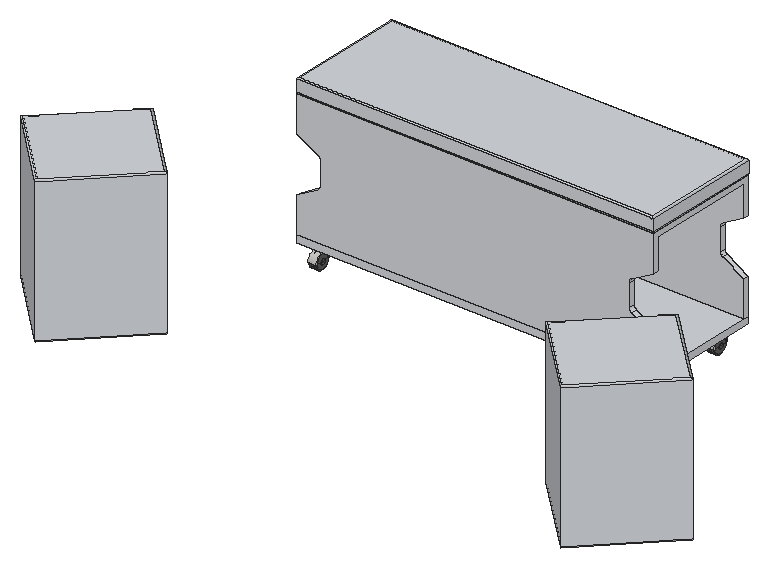
Revit family "Bench", category Generic Models, Revit 2023
Family settings
  Can host rebar = No
  Round Connector Dimension = Use Diameter
  Part Type = Normal
  Work Plane-Based = No
  Always vertical = Yes
  Cut with Voids When Loaded = No
  Maintain Annotation Orientation = No
  Shared = No
  Room Calculation Point = No
Parameters (values of type "ThinkingWall® Bench")
  URL = "https://www.logovisual.com/product/whiteboards/thinkingwall/desks-seating/thinkingwall-mobile-bench/"
  Plinth = none
  Model = "ThinkingWall® Bench"
  Manufacturer = "Logovisual LTD"
  Description = "Mobile bench with removable padded stools. Part of the ThinkingWall® range for flexible breakout and meeting spaces."
  Default Elevation = 0 mm
  Cushion = none
  Base = none
Reference planes
  plane 1 "Center (Front/Back)": y = 0
  plane 2: z = 0
  plane 3 "Center (Left/Right)": x = 0
  plane 4: y = 200
  plane 5: x = 1200
  plane 6: y = -200
  plane 7: z = 71.5
  plane 8 "a": z = 95.5
  plane 9: z = 520
  plane 10: z = 570
  plane 11: y = -182
  plane 12: y = 183
  plane 13: z = 502
  plane 14: x = 600
  plane 15: x = 591
  plane 16: x = 609
Forms (mm)
  Extrusion 1, solid, material <- "Plinth"
    sketch origin (-511.407, -1524, 71.5) x (-1, 0, 0) y (0, -1, 0)
      loop
        line (-511.407, -1724) -> (-511.407, -1324) -> (-1711.407, -1324) -> (-1711.407, -1724) -> (-511.407, -1724)
    from 0 to 24
  Extrusion 2, solid, material <- "Base"
    sketch origin (0, 0, 0) x (0, 1, 0) y (0, 0, 1)
      loop
        line (200, 95.5) -> (200, 520) -> (-200, 520) -> (-200, 95.5) -> (-182, 95.5) -> (-182, 502) -> (183, 502) -> (183, 95.5) -> (200, 95.5)
    from 0 to 1200
  Sweep 3, solid, material <- "Cushion"
    path origin (-537.43, -1524, 520) x (-1, 0, 0) y (0, -1, 0)
      loop
        line (-537.43, -1724) -> (-537.43, -1324) -> (-1737.43, -1324) -> (-1737.43, -1724) -> (-537.43, -1724)
    profile origin (600, 200, 520) x (0, 1, 0) y (0, 0, 1)
      loop
        line (-5, 50) -> (-17, 50) -> (-17, 0) -> (-5, 0)
        arc (-5, 0) -> (-1.464, 1.464) -> (0, 5) r 5
        line (0, 5) -> (0, 45)
        arc (0, 45) -> (-1.464, 48.536) -> (-5, 50) r 5
  Extrusion 4, solid, material <- "Cushion"
    sketch origin (-537.43, -1524, 520) x (-1, 0, 0) y (0, -1, 0)
      loop
        line (-554.43, -1707) -> (-554.43, -1341) -> (-1720.43, -1341) -> (-1720.43, -1707) -> (-554.43, -1707)
    from 0 to 50
  Extrusion 5, void
    sketch origin (0, 0, 0) x (1, 0, 0) y (0, 0, 1)
      loop
        line (72.5, 358.268) -> (0, 400.126) -> (0, 215.374) -> (72.5, 257.232)
        arc (72.5, 257.232) -> (77.99, 262.722) -> (80, 270.222) r 15
        line (80, 270.222) -> (80, 345.278)
        arc (80, 345.278) -> (77.99, 352.778) -> (72.5, 358.268) r 15
      loop
        arc (1127.5, 358.268) -> (1122.01, 352.778) -> (1120, 345.278) r 15
        line (1120, 345.278) -> (1120, 270.222)
        arc (1120, 270.222) -> (1122.01, 262.722) -> (1127.5, 257.232) r 15
        line (1127.5, 257.232) -> (1200, 215.374) -> (1200, 400.126) -> (1127.5, 358.268)
    from -200 to 200
  Extrusion 6, solid
    sketch origin (0, 0, 0) x (1, 0, 0) y (0, 0, 1)
      loop
        line (591, 502) -> (591, 95.5) -> (609, 95.5) -> (609, 502) -> (591, 502)
    from -183 to 182
Cuts and joins
  joined: Sweep 3, Extrusion 4
  Extrusion 5 cuts Extrusion 2
Dimensions and locks
  equal spacing: plane 4, plane 1 "Center (Front/Back)", plane 6
  plane 4 to plane 6 = 400 mm
  locked: plane 3 "Center (Left/Right)" to nested 1 at 50
  locked: plane 4 to nested 1 at 50
  plane 3 "Center (Left/Right)" to plane 5 = 1200 mm
  locked: plane 4 to nested 2 at 50
  locked: nested 2 to plane 5 at 50
  locked: nested 4 to plane 5 at 50
  locked: plane 3 "Center (Left/Right)" to nested 3 at 50
  locked: plane 6 to nested 3 at 50
  locked: plane 6 to nested 4 at 50
  locked: plane 7 to level at 71.5
  locked: plane 8 "a" to plane 7 at 24
  plane 10 to level = 570 mm
  locked: plane 10 to plane 9 at 50
  plane 4 to plane 12 = 17 mm
  locked: plane 6 to plane 11 at 18
  plane 9 to plane 8 "a" = 424.5 mm
  locked: plane 9 to plane 13 at 18
  equal spacing: plane 3 "Center (Left/Right)", plane 14, plane 5
  equal spacing: plane 15, plane 14, plane 16
  locked: plane 15 to plane 16 at 18
  aligned and locked: level to plane 2
  aligned and locked: Extrusion 1 sketch curve to plane 4
  aligned and locked: plane 3 "Center (Left/Right)" to Extrusion 1 sketch curve
  aligned and locked: Extrusion 1 sketch curve to plane 6
  aligned and locked: Extrusion 1 sketch curve to plane 5
  aligned and locked: Extrusion 1 to plane 7
  aligned and locked: Extrusion 1 to plane 8 "a"
  aligned and locked: plane 8 "a" to Extrusion 2 sketch curve
  aligned and locked: plane 4 to Extrusion 2 sketch curve
  aligned and locked: plane 12 to Extrusion 2 sketch curve
  aligned and locked: plane 9 to Extrusion 2 sketch curve
  aligned and locked: plane 13 to Extrusion 2 sketch curve
  aligned and locked: Extrusion 2 sketch curve to plane 6
  aligned and locked: Extrusion 2 sketch curve to plane 11
  aligned and locked: Extrusion 2 sketch curve to plane 8 "a"
  aligned and locked: Extrusion 2 to plane 3 "Center (Left/Right)"
  aligned and locked: plane 5 to Extrusion 2
  aligned and locked: Sweep 3 sketch curve to Extrusion 1  (x4)
  aligned and locked: Extrusion 4 sketch curve to Sweep 3  (x4)
  aligned and locked: Extrusion 4 to plane 9
  aligned and locked: plane 10 to Extrusion 4
  aligned and locked: plane 4 to Extrusion 5
  aligned and locked: plane 6 to Extrusion 5
  aligned and locked: Extrusion 6 sketch curve to plane 13
  aligned and locked: plane 15 to Extrusion 6 sketch curve
  aligned and locked: plane 8 "a" to Extrusion 6 sketch curve
  aligned and locked: Extrusion 6 sketch curve to plane 16
  aligned and locked: plane 12 to Extrusion 6
  aligned and locked: plane 11 to Extrusion 6
Automatic sketch dimensions
  Sweep 3 sketch curve to plane 9 = 0 mm
  Sweep 3 sketch curve to profile plane = 0 mm
  plane 9 to Sweep 3 sketch curve = 5 mm
  profile plane to Sweep 3 sketch curve = 5 mm
  Sweep 3 sketch curve to Sweep 3 sketch curve = 12 mm
  Sweep 3 sketch curve to Sweep 3 sketch curve = 40 mm
  Extrusion 5 sketch curve to plane 3 "Center (Left/Right)" = 0 mm
  Extrusion 5 sketch curve to plane 5 = 0 mm
  plane 3 "Center (Left/Right)" to Extrusion 5 sketch curve = 65 mm  (x2)
  Extrusion 5 sketch curve to Extrusion 5 sketch curve = 7.5 mm  (x6)
  Extrusion 5 sketch curve to Extrusion 5 sketch curve = 15 mm
  Extrusion 5 sketch curve to plane 5 = 80 mm
  plane 8 "a" to Extrusion 5 sketch curve = 119.874 mm  (x2)
  Extrusion 5 sketch curve to Extrusion 5 sketch curve = 41.858 mm  (x4)
  Extrusion 5 sketch curve to Extrusion 5 sketch curve = 75.056 mm  (x2)
Nested families
  nested 1: "50mm_Caster_Wheel 2" at (50, 150, 0) x (0, 1, 0) z (0, 0, 1), type "50mm_Caster_Wheel 2"
  nested 2: "50mm_Caster_Wheel 2" at (1150, 150, 0) x (0, 1, 0) z (0, 0, 1), type "50mm_Caster_Wheel 2"
  nested 3: "50mm_Caster_Wheel 2" at (50, -150, 0) x (0, 1, 0) z (0, 0, 1), type "50mm_Caster_Wheel 2"
  nested 4: "50mm_Caster_Wheel 2" at (1150, -150, 0) x (0, 1, 0) z (0, 0, 1), type "50mm_Caster_Wheel 2"
  nested 5: "Stool" at (-161.256, -823.744, 0) x (-0.7071, 0.7071, 0) z (0, 0, 1), type "Stool"
  nested 6: "Stool" at (1608.744, -576.256, 0) x (-0.7071, -0.7071, 0) z (0, 0, 1), type "Stool"
Definition of nested family "50mm_Caster_Wheel 2"
  Parameters (values of type "50mm_Caster_Wheel 2")
    Default Elevation = 0 mm
  Reference planes
    plane 1 "Center (Front/Back)": y = 0
    plane 2: z = 0
    plane 3 "Center (Left/Right)": x = 0
    plane 4 "VWhlCntr": x = -22
    plane 5 "WhlCntr": z = 25
    plane 6: z = 56.73
    plane 7: z = 55.23
  Forms (mm)
    Revolve 1, solid
      sketch origin (0, 0, 25) x (-1, 0, 0) y (0, -1, 0)
        loop
          line (45.5, 13.5) -> (29.872, 13.5) -> (30.032, 14.411)
          arc (30.032, 14.411) -> (29.873, 15.004) -> (29.317, 15.263) r 0.727
          line (29.317, 15.263) -> (22, 15.263) -> (22, 4.169) -> (47, 4.169) -> (47, 12)
          arc (47, 12) -> (46.561, 13.061) -> (45.5, 13.5) r 1.5
        loop
          arc (45.5, -13.5) -> (46.561, -13.061) -> (47, -12) r 1.5
          line (47, -12) -> (47, -4.169) -> (22, -4.169) -> (22, -15.263) -> (29.317, -15.263)
          arc (29.317, -15.263) -> (29.873, -15.004) -> (30.032, -14.411) r 0.727
          line (30.032, -14.411) -> (29.872, -13.5) -> (45.5, -13.5)
        axis (22, 15.263) -> (22, -15.263)
      angle from 0 to 360
    Revolve 2, solid
      sketch origin (0, 0, 25) x (-1, 0, 0) y (0, -1, 0)
        loop
          line (22, 3.174) -> (33.047, 3.174)
          arc (33.047, 3.174) -> (32.755, 3.878) -> (32.052, 4.169) r 0.995
          line (32.052, 4.169) -> (22, 4.169) -> (22, 3.174)
        loop
          line (22, -3.174) -> (22, -4.169) -> (32.052, -4.169)
          arc (32.052, -4.169) -> (32.755, -3.878) -> (33.047, -3.174) r 0.995
          line (33.047, -3.174) -> (22, -3.174)
        axis (22, 4.169) -> (22, -4.169)
      angle from 0 to 360
    Revolve 3, solid
      sketch origin (0, 0, 0) x (1, 0, 0) y (0, 0, 1)
        loop
          line (0, 60) -> (21.525, 60) -> (21.525, 62.198)
          arc (21.525, 62.198) -> (20.577, 63.345) -> (19.43, 64.292) r 7.866
          arc (19.43, 64.292) -> (16.996, 68.264) -> (12.416, 67.416) r 4.113
          line (12.416, 67.416) -> (10, 65) -> (10, 70) -> (0, 70) -> (0, 60)
        axis (0, 60) -> (0, 70)
      angle from 0 to 360
    Extrusion 4, solid
      sketch origin (0, 0, 0) x (1, 0, 0) y (0, 0, 1)
        loop
          circle (-22, 25) r 2.964
      from -12.5 to 12.5
    Extrusion 5, solid
      sketch origin (0, 0, 70) x (1, 0, 0) y (0, 1, 0)
        loop
          line (-25, 25) -> (-25, -25) -> (25, -25) -> (25, 25) -> (-25, 25)
      from 0 to 1.5
    Extrusion 6, solid
      sketch origin (0, 0, 0) x (1, 0, 0) y (0, 0, 1)
        loop
          line (-49.398, 25.312) -> (-47.348, 25.312)
          arc (-47.348, 25.312) -> (-22.059, 50.601) -> (3.229, 25.313) r 25.288
          line (3.229, 25.313) -> (5.279, 25.313)
          arc (5.279, 25.313) -> (-22.059, 52.651) -> (-49.398, 25.312) r 27.339
      from -13.5 to 13.5
    Extrusion 7, solid
      sketch origin (0, 0, 0) x (1, 0, 0) y (0, 0, 1)
        loop
          arc (-22.059, 52.651) -> (-2.728, 44.644) -> (5.279, 25.312) r 27.339
          line (5.279, 25.312) -> (5.279, 60) -> (-22.059, 60) -> (-22.059, 52.651)
      from -13.5 to 13.5
  Dimensions and locks
    plane 3 "Center (Left/Right)" to plane 4 "VWhlCntr" = 22 mm
    Revolve 3 to level = 70 mm
    Revolve 3 to plane 2 = 70 mm
    diameter of Revolve 1 = 50 mm
    aligned and locked: level to plane 2
Definition of nested family "Stool"
  Parameters (values of type "Stool")
    Default Elevation = 0 mm
    Cushion = none
  Reference planes
    plane 1 "Center (Front/Back)": y = 0
    plane 2: z = 0
    plane 3 "Center (Left/Right)": x = 0
    plane 4: y = 157
    plane 5: x = 350
    plane 6: y = -175
    plane 7: z = 50
    plane 8: z = 440
    plane 9: z = 490
    plane 10: y = -157
    plane 11: y = 175
    plane 12: x = 175
  Forms (mm)
    Sweep 1, solid, material <- "Cushion"
      path origin (0, 0, 0) x (1, 0, 0) y (0, 1, 0)
        loop
          line (0, 175) -> (0, -175) -> (350, -175) -> (350, 175) -> (0, 175)
      profile origin (175, 175, 0) x (0, 1, 0) y (0, 0, 1)
        loop
          line (0, 5) -> (0, 485)
          arc (0, 485) -> (-1.464, 488.536) -> (-5, 490) r 5
          line (-5, 490) -> (-18, 490) -> (-18, 0) -> (-5, 0)
          arc (-5, 0) -> (-1.464, 1.464) -> (0, 5) r 5
    Extrusion 2, solid, material <- "Cushion"
      sketch origin (0, 0, 0) x (1, 0, 0) y (0, 1, 0)
        loop
          line (18, 157) -> (18, -157) -> (332, -157) -> (332, 157) -> (18, 157)
      from 0 to 490
  Cuts and joins
    joined: Sweep 1, Extrusion 2
  Dimensions and locks
    plane 11 to plane 1 "Center (Front/Back)" to plane 6 = 175 mm, 175 mm
    plane 11 to plane 6 = 350 mm
    plane 3 "Center (Left/Right)" to plane 5 = 350 mm
    locked: plane 7 to level at 50
    plane 9 to level = 490 mm
    locked: plane 9 to plane 8 at 50
    locked: plane 11 to plane 4 at 18
    locked: plane 6 to plane 10 at 18
    equal spacing: plane 3 "Center (Left/Right)", plane 12, plane 5
    aligned and locked: level to plane 2
    aligned and locked: Sweep 1 sketch curve to plane 11
    aligned and locked: plane 3 "Center (Left/Right)" to Sweep 1 sketch curve
    aligned and locked: Sweep 1 sketch curve to plane 6
    aligned and locked: Sweep 1 sketch curve to plane 5
    aligned and locked: plane 9 to Extrusion 2
    aligned and locked: Extrusion 2 to plane 2
  Automatic sketch dimensions
    Sweep 1 sketch curve to level = 0 mm
    Sweep 1 sketch curve to profile plane = 0 mm
    Sweep 1 sketch curve to Sweep 1 sketch curve = 5 mm
    profile plane to Sweep 1 sketch curve = 5 mm
    Sweep 1 sketch curve to Sweep 1 sketch curve = 13 mm
    Sweep 1 sketch curve to Sweep 1 sketch curve = 480 mm
    plane 10 to Extrusion 2 sketch curve = 0 mm
    Extrusion 2 sketch curve to plane 4 = 0 mm
    plane 3 "Center (Left/Right)" to Extrusion 2 sketch curve = 18 mm
    Extrusion 2 sketch curve to plane 5 = 18 mm
